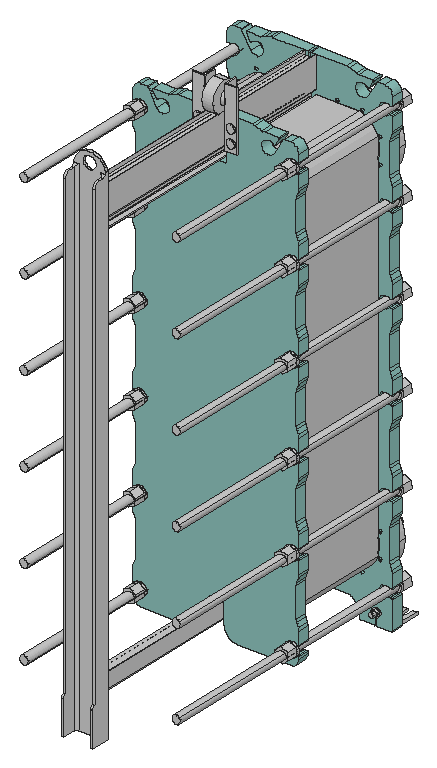
Revit family "MIT 562 - Heat Exchanger", category Specialty Equipment, Revit 2022
Family settings
  Round Connector Dimension = Use Diameter
  Part Type = Normal
  Work Plane-Based = No
  Always vertical = No
  Cut with Voids When Loaded = No
  Maintain Annotation Orientation = No
  Shared = No
  Room Calculation Point = No
Parameters (values of type "Flanged")
  URL = "https://en.ekinendustriyel.com/plate-heat-exchanger"
  Type Comments = ""
  Thickness_of_Plate [instance] = 0.50 mm  # constant formula
  Number_of_Plate [instance] = 130
  Model = if(Hygienic, if(Design Pressure < 11.0 bar, "H12340000F150L", if(Design Pressure < 16.0 bar, " H12340000F150M", " H12340000F150H")), if(Design Pressure < 10.0 bar, "E12340000F150L", if(Design Pressure < 16.0 bar, " E12340000F150M", " E12340000F150H")))  # "H12340000F150L"
  Material = Galvanized Steel- S235JR
  Manufacturer = "Ekin Endüstriyel"
  Lk [instance] = (Number_of_Plate) * ((Thickness_of_Plate) + 2.50 mm)  # 390.00 mm
  Lh [instance] = 1800.00 mm  # constant formula
  Lf [instance] = 1730.00 mm  # constant formula
  Lc [instance] = if(Number_of_Plate < 131, 1000.00 mm, if(Number_of_Plate < 171, 1500.00 mm, if(Number_of_Plate < 221, 1750.00 mm, 2000.00 mm)))  # 1000.00 mm
  La [instance] = 608.00 mm  # constant formula
  Keynote = ""
  Industrial [instance] = not(Hygienic)  # no
  Hygienic = yes
  Head & Follower Plate [instance] = if(Design Pressure < 11.0 bar, 40.00 mm, if(Design Pressure < 17.0 bar, 50.00 mm, 70.00 mm))  # 40.00 mm
  Follower Plate [instance] = -(Head & Follower Plate)  # -40.00 mm
  Design Pressure = 7 bar
  Description = if(Design Pressure < 11.0 bar, "MIT - Heat Exchanger - 10 bar", if(Design Pressure < 16.0 bar, " MIT - Heat Exchanger - 16 bar", " MIT - Heat Exchanger - 25 bar"))  # "MIT - Heat Exchanger - 10 bar"
  Default Elevation = 0.00 mm
Reference planes
  plane 1 "Center (Front/Back)": y = 0
  plane 2: z = 0
  plane 3 "Center (Left/Right)": x = 0
  plane 4: x = 1160
  plane 5: x = -1000
  plane 6 "2": y = -430
  plane 7 "1": y = -40
  plane 8 "3": y = -1040
  plane 9 "Bolt End": y = 18.7
  plane 10: y = -1000
  plane 11 "12": z = 1566
Forms (mm)
  Extrusion 1, solid, material "Galvanized Steel", detail levels fine
    sketch origin (4.063, 0, 0) x (1, 0, 0) y (0, 0, 1)
      loop
        line (214.272, 1759.15) -> (228.331, 1783.5)
        arc (228.331, 1783.5) -> (228.331, 1786.5) -> (225.733, 1788) r 3
        line (225.733, 1788) -> (174.197, 1788)
        arc (174.197, 1788) -> (168.987, 1788.456) -> (163.936, 1789.809) r 30
        line (163.936, 1789.809) -> (140.908, 1798.191)
        arc (140.908, 1798.191) -> (135.857, 1799.544) -> (130.647, 1800) r 30
        line (130.647, 1800) -> (1.937, 1800)
        arc (1.937, 1800) -> (-0.184, 1799.121) -> (-1.063, 1797) r 3
        line (-1.063, 1797) -> (-1.063, 1777.693)
        arc (-1.063, 1777.693) -> (-0.613, 1776.112) -> (0.604, 1775.006) r 3
        arc (0.604, 1775.006) -> (6.437, 1765.6) -> (0.604, 1756.194) r 10.5
        arc (0.604, 1756.194) -> (-0.613, 1755.088) -> (-1.063, 1753.507) r 3
        line (-1.063, 1753.507) -> (-1.063, 1717.693)
        arc (-1.063, 1717.693) -> (-0.613, 1716.112) -> (0.604, 1715.006) r 3
        arc (0.604, 1715.006) -> (-4.063, 1695.1) -> (-8.73, 1715.006) r 10.5
        arc (-8.73, 1715.006) -> (-7.514, 1716.112) -> (-7.063, 1717.693) r 3
        line (-7.063, 1717.693) -> (-7.063, 1753.507)
        arc (-7.063, 1753.507) -> (-7.514, 1755.088) -> (-8.73, 1756.194) r 3
        arc (-8.73, 1756.194) -> (-14.563, 1765.6) -> (-8.73, 1775.006) r 10.5
        arc (-8.73, 1775.006) -> (-7.514, 1776.112) -> (-7.063, 1777.693) r 3
        line (-7.063, 1777.693) -> (-7.063, 1797)
        arc (-7.063, 1797) -> (-7.942, 1799.121) -> (-10.063, 1800) r 3
        line (-10.063, 1800) -> (-138.773, 1800)
        arc (-138.773, 1800) -> (-143.983, 1799.544) -> (-149.034, 1798.191) r 30
        line (-149.034, 1798.191) -> (-172.062, 1789.809)
        arc (-172.062, 1789.809) -> (-177.113, 1788.456) -> (-182.323, 1788) r 30
        line (-182.323, 1788) -> (-233.859, 1788)
        arc (-233.859, 1788) -> (-236.457, 1786.5) -> (-236.457, 1783.5) r 3
        line (-236.457, 1783.5) -> (-222.398, 1759.15)
        arc (-222.398, 1759.15) -> (-220.037, 1757.659) -> (-217.471, 1758.758) r 3
        arc (-217.471, 1758.758) -> (-173.141, 1741.022) -> (-219.714, 1730.5) r 25
        line (-219.714, 1730.5) -> (-252.045, 1786.5)
        arc (-252.045, 1786.5) -> (-253.143, 1787.598) -> (-254.643, 1788) r 3
        line (-254.643, 1788) -> (-278.063, 1788)
        arc (-278.063, 1788) -> (-299.276, 1779.213) -> (-308.063, 1758) r 30
        line (-308.063, 1758) -> (-308.063, 1730.25)
        arc (-308.063, 1730.25) -> (-307.184, 1728.129) -> (-305.063, 1727.25) r 3
        line (-305.063, 1727.25) -> (-297.396, 1727.25)
        arc (-297.396, 1727.25) -> (-296.452, 1727.402) -> (-295.604, 1727.844) r 3
        arc (-295.604, 1727.844) -> (-262.063, 1711) -> (-295.604, 1694.156) r 21
        arc (-295.604, 1694.156) -> (-296.452, 1694.598) -> (-297.396, 1694.75) r 3
        line (-297.396, 1694.75) -> (-305.063, 1694.75)
        arc (-305.063, 1694.75) -> (-307.184, 1693.871) -> (-308.063, 1691.75) r 3
        line (-308.063, 1691.75) -> (-308.063, 1645.265)
        arc (-308.063, 1645.265) -> (-307.607, 1640.055) -> (-306.254, 1635.004) r 30
        line (-306.254, 1635.004) -> (-299.872, 1617.471)
        arc (-299.872, 1617.471) -> (-298.519, 1612.42) -> (-298.063, 1607.21) r 30
        line (-298.063, 1607.21) -> (-298.063, 1497.79)
        arc (-298.063, 1497.79) -> (-298.519, 1492.58) -> (-299.872, 1487.529) r 30
        line (-299.872, 1487.529) -> (-306.254, 1469.996)
        arc (-306.254, 1469.996) -> (-307.607, 1464.945) -> (-308.063, 1459.735) r 30
        line (-308.063, 1459.735) -> (-308.063, 1413.25)
        arc (-308.063, 1413.25) -> (-307.184, 1411.129) -> (-305.063, 1410.25) r 3
        line (-305.063, 1410.25) -> (-297.396, 1410.25)
        arc (-297.396, 1410.25) -> (-296.452, 1410.402) -> (-295.604, 1410.844) r 3
        arc (-295.604, 1410.844) -> (-262.063, 1394) -> (-295.604, 1377.156) r 21
        arc (-295.604, 1377.156) -> (-296.452, 1377.598) -> (-297.396, 1377.75) r 3
        line (-297.396, 1377.75) -> (-305.063, 1377.75)
        arc (-305.063, 1377.75) -> (-307.184, 1376.871) -> (-308.063, 1374.75) r 3
        line (-308.063, 1374.75) -> (-308.063, 1328.265)
        arc (-308.063, 1328.265) -> (-307.607, 1323.055) -> (-306.254, 1318.004) r 30
        line (-306.254, 1318.004) -> (-299.872, 1300.471)
        arc (-299.872, 1300.471) -> (-298.519, 1295.42) -> (-298.063, 1290.21) r 30
        line (-298.063, 1290.21) -> (-298.063, 1180.79)
        arc (-298.063, 1180.79) -> (-298.519, 1175.58) -> (-299.872, 1170.529) r 30
        line (-299.872, 1170.529) -> (-306.254, 1152.996)
        arc (-306.254, 1152.996) -> (-307.607, 1147.945) -> (-308.063, 1142.735) r 30
        line (-308.063, 1142.735) -> (-308.063, 1096.25)
        arc (-308.063, 1096.25) -> (-307.184, 1094.129) -> (-305.063, 1093.25) r 3
        line (-305.063, 1093.25) -> (-297.396, 1093.25)
        arc (-297.396, 1093.25) -> (-296.452, 1093.402) -> (-295.604, 1093.844) r 3
        arc (-295.604, 1093.844) -> (-262.063, 1077) -> (-295.604, 1060.156) r 21
        arc (-295.604, 1060.156) -> (-296.452, 1060.598) -> (-297.396, 1060.75) r 3
        line (-297.396, 1060.75) -> (-305.063, 1060.75)
        arc (-305.063, 1060.75) -> (-307.184, 1059.871) -> (-308.063, 1057.75) r 3
        line (-308.063, 1057.75) -> (-308.063, 1011.265)
        arc (-308.063, 1011.265) -> (-307.607, 1006.055) -> (-306.254, 1001.004) r 30
        line (-306.254, 1001.004) -> (-299.872, 983.471)
        arc (-299.872, 983.471) -> (-298.519, 978.42) -> (-298.063, 973.21) r 30
        line (-298.063, 973.21) -> (-298.063, 863.79)
        arc (-298.063, 863.79) -> (-298.519, 858.58) -> (-299.872, 853.529) r 30
        line (-299.872, 853.529) -> (-306.254, 835.996)
        arc (-306.254, 835.996) -> (-307.607, 830.945) -> (-308.063, 825.735) r 30
        line (-308.063, 825.735) -> (-308.063, 779.25)
        arc (-308.063, 779.25) -> (-307.184, 777.129) -> (-305.063, 776.25) r 3
        line (-305.063, 776.25) -> (-297.396, 776.25)
        arc (-297.396, 776.25) -> (-296.452, 776.402) -> (-295.604, 776.844) r 3
        arc (-295.604, 776.844) -> (-262.063, 760) -> (-295.604, 743.156) r 21
        arc (-295.604, 743.156) -> (-296.452, 743.598) -> (-297.396, 743.75) r 3
        line (-297.396, 743.75) -> (-305.063, 743.75)
        arc (-305.063, 743.75) -> (-307.184, 742.871) -> (-308.063, 740.75) r 3
        line (-308.063, 740.75) -> (-308.063, 694.265)
        arc (-308.063, 694.265) -> (-307.607, 689.055) -> (-306.254, 684.004) r 30
        line (-306.254, 684.004) -> (-299.872, 666.471)
        arc (-299.872, 666.471) -> (-298.519, 661.42) -> (-298.063, 656.21) r 30
        line (-298.063, 656.21) -> (-298.063, 546.79)
        arc (-298.063, 546.79) -> (-298.519, 541.58) -> (-299.872, 536.529) r 30
        line (-299.872, 536.529) -> (-306.254, 518.996)
        arc (-306.254, 518.996) -> (-307.607, 513.945) -> (-308.063, 508.735) r 30
        line (-308.063, 508.735) -> (-308.063, 462.25)
        arc (-308.063, 462.25) -> (-307.184, 460.129) -> (-305.063, 459.25) r 3
        line (-305.063, 459.25) -> (-297.396, 459.25)
        arc (-297.396, 459.25) -> (-296.452, 459.402) -> (-295.604, 459.844) r 3
        arc (-295.604, 459.844) -> (-262.063, 443) -> (-295.604, 426.156) r 21
        arc (-295.604, 426.156) -> (-296.452, 426.598) -> (-297.396, 426.75) r 3
        line (-297.396, 426.75) -> (-305.063, 426.75)
        arc (-305.063, 426.75) -> (-307.184, 425.871) -> (-308.063, 423.75) r 3
        line (-308.063, 423.75) -> (-308.063, 377.265)
        arc (-308.063, 377.265) -> (-307.607, 372.055) -> (-306.254, 367.004) r 30
        line (-306.254, 367.004) -> (-299.872, 349.471)
        arc (-299.872, 349.471) -> (-298.519, 344.42) -> (-298.063, 339.21) r 30
        line (-298.063, 339.21) -> (-298.063, 229.79)
        arc (-298.063, 229.79) -> (-298.519, 224.58) -> (-299.872, 219.529) r 30
        line (-299.872, 219.529) -> (-306.254, 201.996)
        arc (-306.254, 201.996) -> (-307.607, 196.945) -> (-308.063, 191.735) r 30
        line (-308.063, 191.735) -> (-308.063, 145.25)
        arc (-308.063, 145.25) -> (-307.184, 143.129) -> (-305.063, 142.25) r 3
        line (-305.063, 142.25) -> (-297.396, 142.25)
        arc (-297.396, 142.25) -> (-296.452, 142.402) -> (-295.604, 142.844) r 3
        arc (-295.604, 142.844) -> (-262.063, 126) -> (-295.604, 109.156) r 21
        arc (-295.604, 109.156) -> (-296.452, 109.598) -> (-297.396, 109.75) r 3
        line (-297.396, 109.75) -> (-305.063, 109.75)
        arc (-305.063, 109.75) -> (-307.184, 108.871) -> (-308.063, 106.75) r 3
        line (-308.063, 106.75) -> (-308.063, 5)
        arc (-308.063, 5) -> (-306.599, 1.464) -> (-303.063, 0) r 5
        line (-303.063, 0) -> (-254.063, 0)
        arc (-254.063, 0) -> (-251.942, 0.879) -> (-251.063, 3) r 3
        line (-251.063, 3) -> (-251.063, 32.907)
        arc (-251.063, 32.907) -> (-251.514, 34.488) -> (-252.73, 35.594) r 3
        arc (-252.73, 35.594) -> (-248.063, 55.5) -> (-243.396, 35.594) r 10.5
        arc (-243.396, 35.594) -> (-244.613, 34.488) -> (-245.063, 32.907) r 3
        line (-245.063, 32.907) -> (-245.063, 3)
        arc (-245.063, 3) -> (-244.184, 0.879) -> (-242.063, 0) r 3
        line (-242.063, 0) -> (-193.063, 0)
        arc (-193.063, 0) -> (-189.527, 1.464) -> (-188.063, 5) r 5
        line (-188.063, 5) -> (-188.063, 28.787)
        arc (-188.063, 28.787) -> (-186.921, 34.527) -> (-183.67, 39.393) r 15
        line (-183.67, 39.393) -> (-157.456, 65.607)
        arc (-157.456, 65.607) -> (-152.59, 68.858) -> (-146.85, 70) r 15
        line (-146.85, 70) -> (-7.063, 70) -> (-7.063, 95.638)
        arc (-7.063, 95.638) -> (-14.563, 105.7) -> (-7.063, 115.762) r 10.5
        line (-7.063, 115.762) -> (-7.063, 155.638)
        arc (-7.063, 155.638) -> (-4.063, 176.2) -> (-1.063, 155.638) r 10.5
        line (-1.063, 155.638) -> (-1.063, 115.762)
        arc (-1.063, 115.762) -> (6.437, 105.7) -> (-1.063, 95.638) r 10.5
        line (-1.063, 95.638) -> (-1.063, 70) -> (138.724, 70)
        arc (138.724, 70) -> (144.464, 68.858) -> (149.33, 65.607) r 15
        line (149.33, 65.607) -> (175.544, 39.393)
        arc (175.544, 39.393) -> (178.795, 34.527) -> (179.937, 28.787) r 15
        line (179.937, 28.787) -> (179.937, 5)
        arc (179.937, 5) -> (181.401, 1.464) -> (184.937, 0) r 5
        line (184.937, 0) -> (233.937, 0)
        arc (233.937, 0) -> (236.058, 0.879) -> (236.937, 3) r 3
        line (236.937, 3) -> (236.937, 32.907)
        arc (236.937, 32.907) -> (236.486, 34.488) -> (235.27, 35.594) r 3
        arc (235.27, 35.594) -> (239.937, 55.5) -> (244.604, 35.594) r 10.5
        arc (244.604, 35.594) -> (243.387, 34.488) -> (242.937, 32.907) r 3
        line (242.937, 32.907) -> (242.937, 3)
        arc (242.937, 3) -> (243.816, 0.879) -> (245.937, 0) r 3
        line (245.937, 0) -> (294.937, 0)
        arc (294.937, 0) -> (298.473, 1.464) -> (299.937, 5) r 5
        line (299.937, 5) -> (299.937, 106.75)
        arc (299.937, 106.75) -> (299.058, 108.871) -> (296.937, 109.75) r 3
        line (296.937, 109.75) -> (289.27, 109.75)
        arc (289.27, 109.75) -> (288.326, 109.598) -> (287.478, 109.156) r 3
        arc (287.478, 109.156) -> (253.937, 126) -> (287.478, 142.844) r 21
        arc (287.478, 142.844) -> (288.326, 142.402) -> (289.27, 142.25) r 3
        line (289.27, 142.25) -> (296.937, 142.25)
        arc (296.937, 142.25) -> (299.058, 143.129) -> (299.937, 145.25) r 3
        line (299.937, 145.25) -> (299.937, 191.735)
        arc (299.937, 191.735) -> (299.481, 196.945) -> (298.128, 201.996) r 30
        line (298.128, 201.996) -> (291.746, 219.529)
        arc (291.746, 219.529) -> (290.393, 224.58) -> (289.937, 229.79) r 30
        line (289.937, 229.79) -> (289.937, 339.21)
        arc (289.937, 339.21) -> (290.393, 344.42) -> (291.746, 349.471) r 30
        line (291.746, 349.471) -> (298.128, 367.004)
        arc (298.128, 367.004) -> (299.481, 372.055) -> (299.937, 377.265) r 30
        line (299.937, 377.265) -> (299.937, 423.75)
        arc (299.937, 423.75) -> (299.058, 425.871) -> (296.937, 426.75) r 3
        line (296.937, 426.75) -> (289.27, 426.75)
        arc (289.27, 426.75) -> (288.326, 426.598) -> (287.478, 426.156) r 3
        arc (287.478, 426.156) -> (253.937, 443) -> (287.478, 459.844) r 21
        arc (287.478, 459.844) -> (288.326, 459.402) -> (289.27, 459.25) r 3
        line (289.27, 459.25) -> (296.937, 459.25)
        arc (296.937, 459.25) -> (299.058, 460.129) -> (299.937, 462.25) r 3
        line (299.937, 462.25) -> (299.937, 508.735)
        arc (299.937, 508.735) -> (299.481, 513.945) -> (298.128, 518.996) r 30
        line (298.128, 518.996) -> (291.746, 536.529)
        arc (291.746, 536.529) -> (290.393, 541.58) -> (289.937, 546.79) r 30
        line (289.937, 546.79) -> (289.937, 656.21)
        arc (289.937, 656.21) -> (290.393, 661.42) -> (291.746, 666.471) r 30
        line (291.746, 666.471) -> (298.128, 684.004)
        arc (298.128, 684.004) -> (299.481, 689.055) -> (299.937, 694.265) r 30
        line (299.937, 694.265) -> (299.937, 740.75)
        arc (299.937, 740.75) -> (299.058, 742.871) -> (296.937, 743.75) r 3
        line (296.937, 743.75) -> (289.27, 743.75)
        arc (289.27, 743.75) -> (288.326, 743.598) -> (287.478, 743.156) r 3
        arc (287.478, 743.156) -> (253.937, 760) -> (287.478, 776.844) r 21
        arc (287.478, 776.844) -> (288.326, 776.402) -> (289.27, 776.25) r 3
        line (289.27, 776.25) -> (296.937, 776.25)
        arc (296.937, 776.25) -> (299.058, 777.129) -> (299.937, 779.25) r 3
        line (299.937, 779.25) -> (299.937, 825.735)
        arc (299.937, 825.735) -> (299.481, 830.945) -> (298.128, 835.996) r 30
        line (298.128, 835.996) -> (291.746, 853.529)
        arc (291.746, 853.529) -> (290.393, 858.58) -> (289.937, 863.79) r 30
        line (289.937, 863.79) -> (289.937, 973.21)
        arc (289.937, 973.21) -> (290.393, 978.42) -> (291.746, 983.471) r 30
        line (291.746, 983.471) -> (298.128, 1001.004)
        arc (298.128, 1001.004) -> (299.481, 1006.055) -> (299.937, 1011.265) r 30
        line (299.937, 1011.265) -> (299.937, 1057.75)
        arc (299.937, 1057.75) -> (299.058, 1059.871) -> (296.937, 1060.75) r 3
        line (296.937, 1060.75) -> (289.27, 1060.75)
        arc (289.27, 1060.75) -> (288.326, 1060.598) -> (287.478, 1060.156) r 3
        arc (287.478, 1060.156) -> (253.937, 1077) -> (287.478, 1093.844) r 21
        arc (287.478, 1093.844) -> (288.326, 1093.402) -> (289.27, 1093.25) r 3
        line (289.27, 1093.25) -> (296.937, 1093.25)
        arc (296.937, 1093.25) -> (299.058, 1094.129) -> (299.937, 1096.25) r 3
        line (299.937, 1096.25) -> (299.937, 1142.735)
        arc (299.937, 1142.735) -> (299.481, 1147.945) -> (298.128, 1152.996) r 30
        line (298.128, 1152.996) -> (291.746, 1170.529)
        arc (291.746, 1170.529) -> (290.393, 1175.58) -> (289.937, 1180.79) r 30
        line (289.937, 1180.79) -> (289.937, 1290.21)
        arc (289.937, 1290.21) -> (290.393, 1295.42) -> (291.746, 1300.471) r 30
        line (291.746, 1300.471) -> (298.128, 1318.004)
        arc (298.128, 1318.004) -> (299.481, 1323.055) -> (299.937, 1328.265) r 30
        line (299.937, 1328.265) -> (299.937, 1374.75)
        arc (299.937, 1374.75) -> (299.058, 1376.871) -> (296.937, 1377.75) r 3
        line (296.937, 1377.75) -> (289.27, 1377.75)
        arc (289.27, 1377.75) -> (288.326, 1377.598) -> (287.478, 1377.156) r 3
        arc (287.478, 1377.156) -> (253.937, 1394) -> (287.478, 1410.844) r 21
        arc (287.478, 1410.844) -> (288.326, 1410.402) -> (289.27, 1410.25) r 3
        line (289.27, 1410.25) -> (296.937, 1410.25)
        arc (296.937, 1410.25) -> (299.058, 1411.129) -> (299.937, 1413.25) r 3
        line (299.937, 1413.25) -> (299.937, 1459.735)
        arc (299.937, 1459.735) -> (299.481, 1464.945) -> (298.128, 1469.996) r 30
        line (298.128, 1469.996) -> (291.746, 1487.529)
        arc (291.746, 1487.529) -> (290.393, 1492.58) -> (289.937, 1497.79) r 30
        line (289.937, 1497.79) -> (289.937, 1607.21)
        arc (289.937, 1607.21) -> (290.393, 1612.42) -> (291.746, 1617.471) r 30
        line (291.746, 1617.471) -> (298.128, 1635.004)
        arc (298.128, 1635.004) -> (299.481, 1640.055) -> (299.937, 1645.265) r 30
        line (299.937, 1645.265) -> (299.937, 1691.75)
        arc (299.937, 1691.75) -> (299.058, 1693.871) -> (296.937, 1694.75) r 3
        line (296.937, 1694.75) -> (289.27, 1694.75)
        arc (289.27, 1694.75) -> (288.326, 1694.598) -> (287.478, 1694.156) r 3
        arc (287.478, 1694.156) -> (253.937, 1711) -> (287.478, 1727.844) r 21
        arc (287.478, 1727.844) -> (288.326, 1727.402) -> (289.27, 1727.25) r 3
        line (289.27, 1727.25) -> (296.937, 1727.25)
        arc (296.937, 1727.25) -> (299.058, 1728.129) -> (299.937, 1730.25) r 3
        line (299.937, 1730.25) -> (299.937, 1758)
        arc (299.937, 1758) -> (291.15, 1779.213) -> (269.937, 1788) r 30
        line (269.937, 1788) -> (246.517, 1788)
        arc (246.517, 1788) -> (245.017, 1787.598) -> (243.919, 1786.5) r 3
        line (243.919, 1786.5) -> (211.588, 1730.5)
        arc (211.588, 1730.5) -> (165.015, 1741.022) -> (209.345, 1758.758) r 25
        arc (209.345, 1758.758) -> (211.911, 1757.659) -> (214.272, 1759.15) r 3
      loop
        circle (255.803, 1611.922) r 7
      loop
        circle (255.803, 1520.078) r 7
      loop
        circle (190.859, 1676.866) r 7
      loop
        circle (190.859, 1455.134) r 7
      loop
        circle (34.071, 1611.922) r 7
      loop
        circle (34.071, 1520.078) r 7
      loop
        circle (99.015, 1676.866) r 7
      loop
        circle (99.015, 1455.134) r 7
      loop
        circle (144.937, 1566) r 105
      loop
        circle (255.803, 316.922) r 7
      loop
        circle (255.803, 225.078) r 7
      loop
        circle (190.859, 381.866) r 7
      loop
        circle (190.859, 160.134) r 7
      loop
        circle (34.071, 316.922) r 7
      loop
        circle (34.071, 225.078) r 7
      loop
        circle (99.015, 381.866) r 7
      loop
        circle (99.015, 160.134) r 7
      loop
        circle (144.937, 271) r 105
      loop
        circle (-263.929, 1611.922) r 7
      loop
        circle (-263.929, 1520.078) r 7
      loop
        circle (-198.985, 1676.866) r 7
      loop
        circle (-198.985, 1455.134) r 7
      loop
        circle (-42.197, 1611.922) r 7
      loop
        circle (-42.197, 1520.078) r 7
      loop
        circle (-107.141, 1676.866) r 7
      loop
        circle (-107.141, 1455.134) r 7
      loop
        circle (-153.063, 1566) r 105
      loop
        circle (-263.929, 316.922) r 7
      loop
        circle (-263.929, 225.078) r 7
      loop
        circle (-198.985, 381.866) r 7
      loop
        circle (-198.985, 160.134) r 7
      loop
        circle (-42.197, 316.922) r 7
      loop
        circle (-42.197, 225.078) r 7
      loop
        circle (-107.141, 381.866) r 7
      loop
        circle (-107.141, 160.134) r 7
      loop
        circle (-153.063, 271) r 105
    from 0 to 40
  Extrusion 2, solid, material "Galvanized Steel", detail levels fine
    sketch origin (4.063, -430, 0) x (-1, 0, 0) y (0, 0, 1)
      loop
        arc (-214.272, 1759.15) -> (-211.911, 1757.659) -> (-209.345, 1758.758) r 3
        arc (-209.345, 1758.758) -> (-165.015, 1741.022) -> (-211.588, 1730.5) r 25
        line (-211.588, 1730.5) -> (-243.919, 1786.5)
        arc (-243.919, 1786.5) -> (-245.017, 1787.598) -> (-246.517, 1788) r 3
        line (-246.517, 1788) -> (-269.937, 1788)
        arc (-269.937, 1788) -> (-291.15, 1779.213) -> (-299.937, 1758) r 30
        line (-299.937, 1758) -> (-299.937, 1730.25)
        arc (-299.937, 1730.25) -> (-299.058, 1728.129) -> (-296.937, 1727.25) r 3
        line (-296.937, 1727.25) -> (-289.27, 1727.25)
        arc (-289.27, 1727.25) -> (-288.326, 1727.402) -> (-287.478, 1727.844) r 3
        arc (-287.478, 1727.844) -> (-253.937, 1711) -> (-287.478, 1694.156) r 21
        arc (-287.478, 1694.156) -> (-288.326, 1694.598) -> (-289.27, 1694.75) r 3
        line (-289.27, 1694.75) -> (-296.937, 1694.75)
        arc (-296.937, 1694.75) -> (-299.058, 1693.871) -> (-299.937, 1691.75) r 3
        line (-299.937, 1691.75) -> (-299.937, 1645.265)
        arc (-299.937, 1645.265) -> (-299.481, 1640.055) -> (-298.128, 1635.004) r 30
        line (-298.128, 1635.004) -> (-291.746, 1617.471)
        arc (-291.746, 1617.471) -> (-290.393, 1612.42) -> (-289.937, 1607.21) r 30
        line (-289.937, 1607.21) -> (-289.937, 1497.79)
        arc (-289.937, 1497.79) -> (-290.393, 1492.58) -> (-291.746, 1487.529) r 30
        line (-291.746, 1487.529) -> (-298.128, 1469.996)
        arc (-298.128, 1469.996) -> (-299.481, 1464.945) -> (-299.937, 1459.735) r 30
        line (-299.937, 1459.735) -> (-299.937, 1413.25)
        arc (-299.937, 1413.25) -> (-299.058, 1411.129) -> (-296.937, 1410.25) r 3
        line (-296.937, 1410.25) -> (-289.27, 1410.25)
        arc (-289.27, 1410.25) -> (-288.326, 1410.402) -> (-287.478, 1410.844) r 3
        arc (-287.478, 1410.844) -> (-253.937, 1394) -> (-287.478, 1377.156) r 21
        arc (-287.478, 1377.156) -> (-288.326, 1377.598) -> (-289.27, 1377.75) r 3
        line (-289.27, 1377.75) -> (-296.937, 1377.75)
        arc (-296.937, 1377.75) -> (-299.058, 1376.871) -> (-299.937, 1374.75) r 3
        line (-299.937, 1374.75) -> (-299.937, 1328.265)
        arc (-299.937, 1328.265) -> (-299.481, 1323.055) -> (-298.128, 1318.004) r 30
        line (-298.128, 1318.004) -> (-291.746, 1300.471)
        arc (-291.746, 1300.471) -> (-290.393, 1295.42) -> (-289.937, 1290.21) r 30
        line (-289.937, 1290.21) -> (-289.937, 1180.79)
        arc (-289.937, 1180.79) -> (-290.393, 1175.58) -> (-291.746, 1170.529) r 30
        line (-291.746, 1170.529) -> (-298.128, 1152.996)
        arc (-298.128, 1152.996) -> (-299.481, 1147.945) -> (-299.937, 1142.735) r 30
        line (-299.937, 1142.735) -> (-299.937, 1096.25)
        arc (-299.937, 1096.25) -> (-299.058, 1094.129) -> (-296.937, 1093.25) r 3
        line (-296.937, 1093.25) -> (-289.27, 1093.25)
        arc (-289.27, 1093.25) -> (-288.326, 1093.402) -> (-287.478, 1093.844) r 3
        arc (-287.478, 1093.844) -> (-253.937, 1077) -> (-287.478, 1060.156) r 21
        arc (-287.478, 1060.156) -> (-288.326, 1060.598) -> (-289.27, 1060.75) r 3
        line (-289.27, 1060.75) -> (-296.937, 1060.75)
        arc (-296.937, 1060.75) -> (-299.058, 1059.871) -> (-299.937, 1057.75) r 3
        line (-299.937, 1057.75) -> (-299.937, 1011.265)
        arc (-299.937, 1011.265) -> (-299.481, 1006.055) -> (-298.128, 1001.004) r 30
        line (-298.128, 1001.004) -> (-291.746, 983.471)
        arc (-291.746, 983.471) -> (-290.393, 978.42) -> (-289.937, 973.21) r 30
        line (-289.937, 973.21) -> (-289.937, 863.79)
        arc (-289.937, 863.79) -> (-290.393, 858.58) -> (-291.746, 853.529) r 30
        line (-291.746, 853.529) -> (-298.128, 835.996)
        arc (-298.128, 835.996) -> (-299.481, 830.945) -> (-299.937, 825.735) r 30
        line (-299.937, 825.735) -> (-299.937, 779.25)
        arc (-299.937, 779.25) -> (-299.058, 777.129) -> (-296.937, 776.25) r 3
        line (-296.937, 776.25) -> (-289.27, 776.25)
        arc (-289.27, 776.25) -> (-288.326, 776.402) -> (-287.478, 776.844) r 3
        arc (-287.478, 776.844) -> (-253.937, 760) -> (-287.478, 743.156) r 21
        arc (-287.478, 743.156) -> (-288.326, 743.598) -> (-289.27, 743.75) r 3
        line (-289.27, 743.75) -> (-296.937, 743.75)
        arc (-296.937, 743.75) -> (-299.058, 742.871) -> (-299.937, 740.75) r 3
        line (-299.937, 740.75) -> (-299.937, 694.265)
        arc (-299.937, 694.265) -> (-299.481, 689.055) -> (-298.128, 684.004) r 30
        line (-298.128, 684.004) -> (-291.746, 666.471)
        arc (-291.746, 666.471) -> (-290.393, 661.42) -> (-289.937, 656.21) r 30
        line (-289.937, 656.21) -> (-289.937, 546.79)
        arc (-289.937, 546.79) -> (-290.393, 541.58) -> (-291.746, 536.529) r 30
        line (-291.746, 536.529) -> (-298.128, 518.996)
        arc (-298.128, 518.996) -> (-299.481, 513.945) -> (-299.937, 508.735) r 30
        line (-299.937, 508.735) -> (-299.937, 462.25)
        arc (-299.937, 462.25) -> (-299.058, 460.129) -> (-296.937, 459.25) r 3
        line (-296.937, 459.25) -> (-289.27, 459.25)
        arc (-289.27, 459.25) -> (-288.326, 459.402) -> (-287.478, 459.844) r 3
        arc (-287.478, 459.844) -> (-253.937, 443) -> (-287.478, 426.156) r 21
        arc (-287.478, 426.156) -> (-288.326, 426.598) -> (-289.27, 426.75) r 3
        line (-289.27, 426.75) -> (-296.937, 426.75)
        arc (-296.937, 426.75) -> (-299.058, 425.871) -> (-299.937, 423.75) r 3
        line (-299.937, 423.75) -> (-299.937, 377.265)
        arc (-299.937, 377.265) -> (-299.481, 372.055) -> (-298.128, 367.004) r 30
        line (-298.128, 367.004) -> (-291.746, 349.471)
        arc (-291.746, 349.471) -> (-290.393, 344.42) -> (-289.937, 339.21) r 30
        line (-289.937, 339.21) -> (-289.937, 229.79)
        arc (-289.937, 229.79) -> (-290.393, 224.58) -> (-291.746, 219.529) r 30
        line (-291.746, 219.529) -> (-298.128, 201.996)
        arc (-298.128, 201.996) -> (-299.481, 196.945) -> (-299.937, 191.735) r 30
        line (-299.937, 191.735) -> (-299.937, 145.25)
        arc (-299.937, 145.25) -> (-299.058, 143.129) -> (-296.937, 142.25) r 3
        line (-296.937, 142.25) -> (-289.27, 142.25)
        arc (-289.27, 142.25) -> (-288.326, 142.402) -> (-287.478, 142.844) r 3
        arc (-287.478, 142.844) -> (-253.937, 126) -> (-287.478, 109.156) r 21
        arc (-287.478, 109.156) -> (-288.326, 109.598) -> (-289.27, 109.75) r 3
        line (-289.27, 109.75) -> (-296.937, 109.75)
        arc (-296.937, 109.75) -> (-299.058, 108.871) -> (-299.937, 106.75) r 3
        line (-299.937, 106.75) -> (-299.937, 100)
        arc (-299.937, 100) -> (-291.15, 78.787) -> (-269.937, 70) r 30
        line (-269.937, 70) -> (-75.937, 70)
        arc (-75.937, 70) -> (-40.582, 84.645) -> (-25.937, 120) r 50
        line (-25.937, 120) -> (-25.937, 173.5)
        arc (-25.937, 173.5) -> (4.063, 203.5) -> (34.063, 173.5) r 30
        line (34.063, 173.5) -> (34.063, 120)
        arc (34.063, 120) -> (48.708, 84.645) -> (84.063, 70) r 50
        line (84.063, 70) -> (278.063, 70)
        arc (278.063, 70) -> (299.276, 78.787) -> (308.063, 100) r 30
        line (308.063, 100) -> (308.063, 106.75)
        arc (308.063, 106.75) -> (307.184, 108.871) -> (305.063, 109.75) r 3
        line (305.063, 109.75) -> (297.396, 109.75)
        arc (297.396, 109.75) -> (296.452, 109.598) -> (295.604, 109.156) r 3
        arc (295.604, 109.156) -> (262.063, 126) -> (295.604, 142.844) r 21
        arc (295.604, 142.844) -> (296.452, 142.402) -> (297.396, 142.25) r 3
        line (297.396, 142.25) -> (305.063, 142.25)
        arc (305.063, 142.25) -> (307.184, 143.129) -> (308.063, 145.25) r 3
        line (308.063, 145.25) -> (308.063, 191.735)
        arc (308.063, 191.735) -> (307.607, 196.945) -> (306.254, 201.996) r 30
        line (306.254, 201.996) -> (299.872, 219.529)
        arc (299.872, 219.529) -> (298.519, 224.58) -> (298.063, 229.79) r 30
        line (298.063, 229.79) -> (298.063, 339.21)
        arc (298.063, 339.21) -> (298.519, 344.42) -> (299.872, 349.471) r 30
        line (299.872, 349.471) -> (306.254, 367.004)
        arc (306.254, 367.004) -> (307.607, 372.055) -> (308.063, 377.265) r 30
        line (308.063, 377.265) -> (308.063, 423.75)
        arc (308.063, 423.75) -> (307.184, 425.871) -> (305.063, 426.75) r 3
        line (305.063, 426.75) -> (297.396, 426.75)
        arc (297.396, 426.75) -> (296.452, 426.598) -> (295.604, 426.156) r 3
        arc (295.604, 426.156) -> (262.063, 443) -> (295.604, 459.844) r 21
        arc (295.604, 459.844) -> (296.452, 459.402) -> (297.396, 459.25) r 3
        line (297.396, 459.25) -> (305.063, 459.25)
        arc (305.063, 459.25) -> (307.184, 460.129) -> (308.063, 462.25) r 3
        line (308.063, 462.25) -> (308.063, 508.735)
        arc (308.063, 508.735) -> (307.607, 513.945) -> (306.254, 518.996) r 30
        line (306.254, 518.996) -> (299.872, 536.529)
        arc (299.872, 536.529) -> (298.519, 541.58) -> (298.063, 546.79) r 30
        line (298.063, 546.79) -> (298.063, 656.21)
        arc (298.063, 656.21) -> (298.519, 661.42) -> (299.872, 666.471) r 30
        line (299.872, 666.471) -> (306.254, 684.004)
        arc (306.254, 684.004) -> (307.607, 689.055) -> (308.063, 694.265) r 30
        line (308.063, 694.265) -> (308.063, 740.75)
        arc (308.063, 740.75) -> (307.184, 742.871) -> (305.063, 743.75) r 3
        line (305.063, 743.75) -> (297.396, 743.75)
        arc (297.396, 743.75) -> (296.452, 743.598) -> (295.604, 743.156) r 3
        arc (295.604, 743.156) -> (262.063, 760) -> (295.604, 776.844) r 21
        arc (295.604, 776.844) -> (296.452, 776.402) -> (297.396, 776.25) r 3
        line (297.396, 776.25) -> (305.063, 776.25)
        arc (305.063, 776.25) -> (307.184, 777.129) -> (308.063, 779.25) r 3
        line (308.063, 779.25) -> (308.063, 825.735)
        arc (308.063, 825.735) -> (307.607, 830.945) -> (306.254, 835.996) r 30
        line (306.254, 835.996) -> (299.872, 853.529)
        arc (299.872, 853.529) -> (298.519, 858.58) -> (298.063, 863.79) r 30
        line (298.063, 863.79) -> (298.063, 973.21)
        arc (298.063, 973.21) -> (298.519, 978.42) -> (299.872, 983.471) r 30
        line (299.872, 983.471) -> (306.254, 1001.004)
        arc (306.254, 1001.004) -> (307.607, 1006.055) -> (308.063, 1011.265) r 30
        line (308.063, 1011.265) -> (308.063, 1057.75)
        arc (308.063, 1057.75) -> (307.184, 1059.871) -> (305.063, 1060.75) r 3
        line (305.063, 1060.75) -> (297.396, 1060.75)
        arc (297.396, 1060.75) -> (296.452, 1060.598) -> (295.604, 1060.156) r 3
        arc (295.604, 1060.156) -> (262.063, 1077) -> (295.604, 1093.844) r 21
        arc (295.604, 1093.844) -> (296.452, 1093.402) -> (297.396, 1093.25) r 3
        line (297.396, 1093.25) -> (305.063, 1093.25)
        arc (305.063, 1093.25) -> (307.184, 1094.129) -> (308.063, 1096.25) r 3
        line (308.063, 1096.25) -> (308.063, 1142.735)
        arc (308.063, 1142.735) -> (307.607, 1147.945) -> (306.254, 1152.996) r 30
        line (306.254, 1152.996) -> (299.872, 1170.529)
        arc (299.872, 1170.529) -> (298.519, 1175.58) -> (298.063, 1180.79) r 30
        line (298.063, 1180.79) -> (298.063, 1290.21)
        arc (298.063, 1290.21) -> (298.519, 1295.42) -> (299.872, 1300.471) r 30
        line (299.872, 1300.471) -> (306.254, 1318.004)
        arc (306.254, 1318.004) -> (307.607, 1323.055) -> (308.063, 1328.265) r 30
        line (308.063, 1328.265) -> (308.063, 1374.75)
        arc (308.063, 1374.75) -> (307.184, 1376.871) -> (305.063, 1377.75) r 3
        line (305.063, 1377.75) -> (297.396, 1377.75)
        arc (297.396, 1377.75) -> (296.452, 1377.598) -> (295.604, 1377.156) r 3
        arc (295.604, 1377.156) -> (262.063, 1394) -> (295.604, 1410.844) r 21
        arc (295.604, 1410.844) -> (296.452, 1410.402) -> (297.396, 1410.25) r 3
        line (297.396, 1410.25) -> (305.063, 1410.25)
        arc (305.063, 1410.25) -> (307.184, 1411.129) -> (308.063, 1413.25) r 3
        line (308.063, 1413.25) -> (308.063, 1459.735)
        arc (308.063, 1459.735) -> (307.607, 1464.945) -> (306.254, 1469.996) r 30
        line (306.254, 1469.996) -> (299.872, 1487.529)
        arc (299.872, 1487.529) -> (298.519, 1492.58) -> (298.063, 1497.79) r 30
        line (298.063, 1497.79) -> (298.063, 1607.21)
        arc (298.063, 1607.21) -> (298.519, 1612.42) -> (299.872, 1617.471) r 30
        line (299.872, 1617.471) -> (306.254, 1635.004)
        arc (306.254, 1635.004) -> (307.607, 1640.055) -> (308.063, 1645.265) r 30
        line (308.063, 1645.265) -> (308.063, 1691.75)
        arc (308.063, 1691.75) -> (307.184, 1693.871) -> (305.063, 1694.75) r 3
        line (305.063, 1694.75) -> (297.396, 1694.75)
        arc (297.396, 1694.75) -> (296.452, 1694.598) -> (295.604, 1694.156) r 3
        arc (295.604, 1694.156) -> (262.063, 1711) -> (295.604, 1727.844) r 21
        arc (295.604, 1727.844) -> (296.452, 1727.402) -> (297.396, 1727.25) r 3
        line (297.396, 1727.25) -> (305.063, 1727.25)
        arc (305.063, 1727.25) -> (307.184, 1728.129) -> (308.063, 1730.25) r 3
        line (308.063, 1730.25) -> (308.063, 1758)
        arc (308.063, 1758) -> (299.276, 1779.213) -> (278.063, 1788) r 30
        line (278.063, 1788) -> (254.643, 1788)
        arc (254.643, 1788) -> (253.143, 1787.598) -> (252.045, 1786.5) r 3
        line (252.045, 1786.5) -> (219.714, 1730.5)
        arc (219.714, 1730.5) -> (173.141, 1741.022) -> (217.471, 1758.758) r 25
        arc (217.471, 1758.758) -> (220.037, 1757.659) -> (222.398, 1759.15) r 3
        line (222.398, 1759.15) -> (236.457, 1783.5)
        arc (236.457, 1783.5) -> (236.457, 1786.5) -> (233.859, 1788) r 3
        line (233.859, 1788) -> (182.323, 1788)
        arc (182.323, 1788) -> (177.113, 1788.456) -> (172.062, 1789.809) r 30
        line (172.062, 1789.809) -> (149.034, 1798.191)
        arc (149.034, 1798.191) -> (143.983, 1799.544) -> (138.773, 1800) r 30
        line (138.773, 1800) -> (48.063, 1800)
        arc (48.063, 1800) -> (45.942, 1799.121) -> (45.063, 1797) r 3
        line (45.063, 1797) -> (45.063, 1766.6)
        arc (45.063, 1766.6) -> (45.942, 1764.479) -> (48.063, 1763.6) r 3
        line (48.063, 1763.6) -> (51.97, 1763.6)
        arc (51.97, 1763.6) -> (53.551, 1764.05) -> (54.657, 1765.267) r 3
        arc (54.657, 1765.267) -> (74.525, 1759.704) -> (54.001, 1757.6) r 10.5
        line (54.001, 1757.6) -> (45.063, 1757.6) -> (45.063, 1716.6)
        arc (45.063, 1716.6) -> (45.942, 1714.479) -> (48.063, 1713.6) r 3
        line (48.063, 1713.6) -> (51.97, 1713.6)
        arc (51.97, 1713.6) -> (53.551, 1714.05) -> (54.657, 1715.267) r 3
        arc (54.657, 1715.267) -> (74.525, 1709.704) -> (54.001, 1707.6) r 10.5
        line (54.001, 1707.6) -> (45.063, 1707.6) -> (45.063, 1643.5)
        arc (45.063, 1643.5) -> (43.599, 1639.964) -> (40.063, 1638.5) r 5
        line (40.063, 1638.5) -> (-31.937, 1638.5)
        arc (-31.937, 1638.5) -> (-35.473, 1639.964) -> (-36.937, 1643.5) r 5
        line (-36.937, 1643.5) -> (-36.937, 1707.6) -> (-45.875, 1707.6)
        arc (-45.875, 1707.6) -> (-66.399, 1709.704) -> (-46.531, 1715.267) r 10.5
        arc (-46.531, 1715.267) -> (-45.425, 1714.05) -> (-43.844, 1713.6) r 3
        line (-43.844, 1713.6) -> (-39.937, 1713.6)
        arc (-39.937, 1713.6) -> (-37.816, 1714.479) -> (-36.937, 1716.6) r 3
        line (-36.937, 1716.6) -> (-36.937, 1757.6) -> (-45.875, 1757.6)
        arc (-45.875, 1757.6) -> (-66.399, 1759.704) -> (-46.531, 1765.267) r 10.5
        arc (-46.531, 1765.267) -> (-45.425, 1764.05) -> (-43.844, 1763.6) r 3
        line (-43.844, 1763.6) -> (-39.937, 1763.6)
        arc (-39.937, 1763.6) -> (-37.816, 1764.479) -> (-36.937, 1766.6) r 3
        line (-36.937, 1766.6) -> (-36.937, 1797)
        arc (-36.937, 1797) -> (-37.816, 1799.121) -> (-39.937, 1800) r 3
        line (-39.937, 1800) -> (-130.647, 1800)
        arc (-130.647, 1800) -> (-135.857, 1799.544) -> (-140.908, 1798.191) r 30
        line (-140.908, 1798.191) -> (-163.936, 1789.809)
        arc (-163.936, 1789.809) -> (-168.987, 1788.456) -> (-174.197, 1788) r 30
        line (-174.197, 1788) -> (-225.733, 1788)
        arc (-225.733, 1788) -> (-228.331, 1786.5) -> (-228.331, 1783.5) r 3
        line (-228.331, 1783.5) -> (-214.272, 1759.15)
    from 0 to -40 <- "Follower Plate"
  Extrusion 3, solid, material "AISI 316L/Titanium/Hastelloy", detail levels fine
    sketch origin (0, -40, 0) x (-1, 0, 0) y (0, 0, 1)
      loop
        circle (-149, 1566) r 68.8
      loop
        circle (149, 1566) r 68.8
      loop
        circle (-149, 272) r 68.8
      loop
        circle (149, 272) r 68.8
      loop
        arc (-250, 228.93) -> (-225.513, 193.248) -> (-189.14, 169.8) r 109.8
        line (-189.14, 169.8) -> (-27.2, 169.8)
        arc (-27.2, 169.8) -> (-26.052, 170.028) -> (-25.078, 170.679) r 3
        line (-25.078, 170.679) -> (-20.129, 175.628)
        arc (-20.129, 175.628) -> (-19.478, 176.602) -> (-19.25, 177.75) r 3
        line (-19.25, 177.75) -> (-19.25, 181.568)
        arc (-19.25, 181.568) -> (-19.545, 182.866) -> (-20.372, 183.908) r 3
        line (-20.372, 183.908) -> (-30.817, 192.29)
        arc (-30.817, 192.29) -> (-31.833, 198.158) -> (-26.137, 199.896) r 4.5
        line (-26.137, 199.896) -> (-8.398, 191.83)
        arc (-8.398, 191.83) -> (0, 190.011) -> (8.398, 191.83) r 20.289
        line (8.398, 191.83) -> (26.137, 199.896)
        arc (26.137, 199.896) -> (31.833, 198.158) -> (30.817, 192.29) r 4.5
        line (30.817, 192.29) -> (20.372, 183.908)
        arc (20.372, 183.908) -> (19.545, 182.866) -> (19.25, 181.568) r 3
        line (19.25, 181.568) -> (19.25, 177.75)
        arc (19.25, 177.75) -> (19.478, 176.602) -> (20.129, 175.628) r 3
        line (20.129, 175.628) -> (25.078, 170.679)
        arc (25.078, 170.679) -> (26.052, 170.028) -> (27.2, 169.8) r 3
        line (27.2, 169.8) -> (189.14, 169.8)
        arc (189.14, 169.8) -> (225.513, 193.248) -> (250, 228.93) r 109.8
        line (250, 228.93) -> (250, 1609.07)
        arc (250, 1609.07) -> (223.837, 1646.346) -> (184.799, 1669.8) r 109.8
        line (184.799, 1669.8) -> (27.2, 1669.8)
        arc (27.2, 1669.8) -> (26.052, 1669.572) -> (25.078, 1668.921) r 3
        line (25.078, 1668.921) -> (20.129, 1663.972)
        arc (20.129, 1663.972) -> (19.478, 1662.998) -> (19.25, 1661.85) r 3
        line (19.25, 1661.85) -> (19.25, 1658.032)
        arc (19.25, 1658.032) -> (19.545, 1656.734) -> (20.372, 1655.692) r 3
        line (20.372, 1655.692) -> (30.817, 1647.31)
        arc (30.817, 1647.31) -> (31.833, 1641.442) -> (26.137, 1639.704) r 4.5
        line (26.137, 1639.704) -> (8.398, 1647.77)
        arc (8.398, 1647.77) -> (0, 1649.589) -> (-8.398, 1647.77) r 20.289
        line (-8.398, 1647.77) -> (-26.137, 1639.704)
        arc (-26.137, 1639.704) -> (-31.833, 1641.442) -> (-30.817, 1647.31) r 4.5
        line (-30.817, 1647.31) -> (-20.372, 1655.692)
        arc (-20.372, 1655.692) -> (-19.545, 1656.734) -> (-19.25, 1658.032) r 3
        line (-19.25, 1658.032) -> (-19.25, 1661.85)
        arc (-19.25, 1661.85) -> (-19.478, 1662.998) -> (-20.129, 1663.972) r 3
        line (-20.129, 1663.972) -> (-25.078, 1668.921)
        arc (-25.078, 1668.921) -> (-26.052, 1669.572) -> (-27.2, 1669.8) r 3
        line (-27.2, 1669.8) -> (-184.799, 1669.8)
        arc (-184.799, 1669.8) -> (-223.837, 1646.346) -> (-250, 1609.07) r 109.8
        line (-250, 1609.07) -> (-250, 228.93)
    from 0 to -390
  Extrusion 4, solid, material "Galvanized Steel- S235JR"
    sketch origin (0, 0, 0) x (1, 0, 0) y (0, 0, 1)
      loop
        line (-18, 128.2) -> (18, 128.2)
        arc (18, 128.2) -> (19.414, 128.786) -> (20, 130.2) r 2
        line (20, 130.2) -> (20, 186.2)
        arc (20, 186.2) -> (19.414, 187.614) -> (18, 188.2) r 2
        line (18, 188.2) -> (-18, 188.2)
        arc (-18, 188.2) -> (-19.414, 187.614) -> (-20, 186.2) r 2
        line (-20, 186.2) -> (-20, 130.2)
        arc (-20, 130.2) -> (-19.414, 128.786) -> (-18, 128.2) r 2
      loop
        line (-13, 133.2) -> (13, 133.2)
        arc (13, 133.2) -> (14.414, 133.786) -> (15, 135.2) r 2
        line (15, 135.2) -> (15, 181.2)
        arc (15, 181.2) -> (14.414, 182.614) -> (13, 183.2) r 2
        line (13, 183.2) -> (-13, 183.2)
        arc (-13, 183.2) -> (-14.414, 182.614) -> (-15, 181.2) r 2
        line (-15, 181.2) -> (-15, 135.2)
        arc (-15, 135.2) -> (-14.414, 133.786) -> (-13, 133.2) r 2
      loop
        line (-21, 1682.6) -> (-6, 1682.6)
        arc (-6, 1682.6) -> (-3.879, 1681.721) -> (-3, 1679.6) r 3
        line (-3, 1679.6) -> (-3, 1655.6)
        arc (-3, 1655.6) -> (-3.879, 1653.479) -> (-6, 1652.6) r 3
        line (-6, 1652.6) -> (-26, 1652.6) -> (-26, 1649.6) -> (-3, 1649.6)
        arc (-3, 1649.6) -> (-0.879, 1650.479) -> (0, 1652.6) r 3
        arc (0, 1652.6) -> (0.879, 1650.479) -> (3, 1649.6) r 3
        line (3, 1649.6) -> (26, 1649.6) -> (26, 1652.6) -> (6, 1652.6)
        arc (6, 1652.6) -> (3.879, 1653.479) -> (3, 1655.6) r 3
        line (3, 1655.6) -> (3, 1679.6)
        arc (3, 1679.6) -> (3.879, 1681.721) -> (6, 1682.6) r 3
        line (6, 1682.6) -> (21, 1682.6)
        arc (21, 1682.6) -> (22.414, 1683.186) -> (23, 1684.6) r 2
        line (23, 1684.6) -> (23, 1797.6) -> (20, 1797.6) -> (20, 1785.6) -> (-20, 1785.6) -> (-20, 1797.6) -> (-23, 1797.6) -> (-23, 1684.6)
        arc (-23, 1684.6) -> (-22.414, 1683.186) -> (-21, 1682.6) r 2
      loop
        line (-13, 1690.6) -> (13, 1690.6)
        arc (13, 1690.6) -> (14.414, 1691.186) -> (15, 1692.6) r 2
        line (15, 1692.6) -> (15, 1778.6)
        arc (15, 1778.6) -> (14.414, 1780.014) -> (13, 1780.6) r 2
        line (13, 1780.6) -> (-13, 1780.6)
        arc (-13, 1780.6) -> (-14.414, 1780.014) -> (-15, 1778.6) r 2
        line (-15, 1778.6) -> (-15, 1692.6)
        arc (-15, 1692.6) -> (-14.414, 1691.186) -> (-13, 1690.6) r 2
    from 40 to 1040
  Extrusion 5, solid, material "Galvanized Steel- S235JR"
    sketch origin (0, 0, 0) x (1, 0, 0) y (0, 0, 1)
      loop
        circle (279, 1711) r 15
      loop
        circle (279, 1394) r 15
      loop
        circle (279, 1077) r 15
      loop
        circle (279, 760) r 15
      loop
        circle (279, 443) r 15
      loop
        circle (279, 126) r 15
      loop
        circle (-279, 1711) r 15
      loop
        circle (-279, 1394) r 15
      loop
        circle (-279, 1077) r 15
      loop
        circle (-279, 760) r 15
      loop
        circle (-279, 443) r 15
      loop
        circle (-279, 126) r 15
    from 0 to 1000
  Extrusion 6, solid, material "Galvanized Steel- S235JR", detail levels fine
    sketch origin (0, 0, 0) x (1, 0, 0) y (0, 0, 1)
      loop
        line (244, 59.434) -> (231.5, 52.217) -> (231.5, 37.783) -> (244, 30.566) -> (256.5, 37.783) -> (256.5, 52.217) -> (244, 59.434)
      loop
        line (-244, 59.434) -> (-256.5, 52.217) -> (-256.5, 37.783) -> (-244, 30.566) -> (-231.5, 37.783) -> (-231.5, 52.217) -> (-244, 59.434)
    from -21 to -8
  Extrusion 7, solid, material "Galvanized Steel- S235JR", detail levels fine
    sketch origin (276.226, -40, -33.535) x (1, 0, 0) y (0, 0, 1)
      loop
        circle (-32.226, 78.535) r 15
      loop
        circle (-520.226, 78.535) r 15
    from 0 to 3
  Extrusion 8, solid, material "Galvanized Steel- S235JR", detail levels fine
    sketch origin (0, 0, 0) x (1, 0, 0) y (0, 0, 1)
      loop
        circle (244, 45) r 8
      loop
        circle (-244, 45) r 8
    from 64 to -11
  Extrusion 9, solid, material "Galvanized Steel- S235JR", detail levels fine
    sketch origin (29.639, -40, 34.419) x (1, 0, 0) y (0, 0, 1)
      loop
        line (225.937, 17.268) -> (214.354, 23.956) -> (202.771, 17.268) -> (202.771, 3.893) -> (214.354, -2.794) -> (225.937, 3.893) -> (225.937, 17.268)
      loop
        line (-285.229, 17.268) -> (-285.229, 3.893) -> (-273.646, -2.794) -> (-262.063, 3.893) -> (-262.063, 17.268) -> (-273.646, 23.956) -> (-285.229, 17.268)
    from 11 to 3
  Extrusion 10, solid, material "Galvanized Steel- S235JR", detail levels fine
    sketch origin (0, 0, 0) x (1, 0, 0) y (0, 0, 1)
      loop
        circle (194.922, 1676.866) r 15
      loop
        circle (103.078, 1676.866) r 15
      loop
        circle (259.866, 1611.922) r 15
      loop
        circle (259.866, 1520.078) r 15
      loop
        circle (194.922, 1455.134) r 15
      loop
        circle (103.078, 1455.134) r 15
      loop
        circle (38.134, 1520.078) r 15
      loop
        circle (38.134, 1611.922) r 15
      loop
        circle (194.922, 381.866) r 15
      loop
        circle (103.078, 381.866) r 15
      loop
        circle (259.866, 316.922) r 15
      loop
        circle (259.866, 225.078) r 15
      loop
        circle (194.922, 160.134) r 15
      loop
        circle (103.078, 160.134) r 15
      loop
        circle (38.134, 225.078) r 15
      loop
        circle (38.134, 316.922) r 15
      loop
        circle (-194.922, 1676.866) r 15
      loop
        circle (-103.078, 1676.866) r 15
      loop
        circle (-259.866, 1611.922) r 15
      loop
        circle (-259.866, 1520.078) r 15
      loop
        circle (-194.922, 1455.134) r 15
      loop
        circle (-103.078, 1455.134) r 15
      loop
        circle (-38.134, 1520.078) r 15
      loop
        circle (-38.134, 1611.922) r 15
      loop
        circle (-194.922, 381.866) r 15
      loop
        circle (-103.078, 381.866) r 15
      loop
        circle (-259.866, 316.922) r 15
      loop
        circle (-259.866, 225.078) r 15
      loop
        circle (-194.922, 160.134) r 15
      loop
        circle (-103.078, 160.134) r 15
      loop
        circle (-38.134, 225.078) r 15
      loop
        circle (-38.134, 316.922) r 15
    from -29 to -32
  Extrusion 11, solid, material "Galvanized Steel- S235JR", detail levels fine
    sketch origin (0, 0, 0) x (1, 0, 0) y (0, 0, 1)
      loop
        line (194.995, 1691.299) -> (182.459, 1684.145) -> (182.386, 1669.712) -> (194.849, 1662.432) -> (207.385, 1669.586) -> (207.458, 1684.019) -> (194.995, 1691.299)
      loop
        line (270.123, 1622.077) -> (256.2, 1625.883) -> (245.943, 1615.728) -> (249.608, 1601.767) -> (263.531, 1597.961) -> (273.788, 1608.116) -> (270.123, 1622.077)
      loop
        line (245.432, 1520.151) -> (252.586, 1507.615) -> (267.019, 1507.542) -> (274.299, 1520.005) -> (267.145, 1532.541) -> (252.712, 1532.614) -> (245.432, 1520.151)
      loop
        line (208.883, 1458.8) -> (198.728, 1469.057) -> (184.767, 1465.392) -> (180.961, 1451.469) -> (191.116, 1441.212) -> (205.077, 1444.877) -> (208.883, 1458.8)
      loop
        line (103.005, 1691.299) -> (90.542, 1684.019) -> (90.615, 1669.586) -> (103.151, 1662.432) -> (115.614, 1669.712) -> (115.541, 1684.145) -> (103.005, 1691.299)
      loop
        line (27.877, 1622.077) -> (24.212, 1608.116) -> (34.469, 1597.961) -> (48.392, 1601.767) -> (52.057, 1615.728) -> (41.8, 1625.883) -> (27.877, 1622.077)
      loop
        line (52.568, 1520.151) -> (45.288, 1532.614) -> (30.855, 1532.541) -> (23.701, 1520.005) -> (30.981, 1507.542) -> (45.414, 1507.615) -> (52.568, 1520.151)
      loop
        line (89.117, 1458.8) -> (92.923, 1444.877) -> (106.884, 1441.212) -> (117.039, 1451.469) -> (113.233, 1465.392) -> (99.272, 1469.057) -> (89.117, 1458.8)
      loop
        line (194.995, 396.299) -> (182.459, 389.145) -> (182.386, 374.712) -> (194.849, 367.432) -> (207.385, 374.586) -> (207.458, 389.019) -> (194.995, 396.299)
      loop
        line (270.123, 327.077) -> (256.2, 330.883) -> (245.943, 320.728) -> (249.608, 306.767) -> (263.531, 302.961) -> (273.788, 313.116) -> (270.123, 327.077)
      loop
        line (245.432, 225.151) -> (252.586, 212.615) -> (267.019, 212.542) -> (274.299, 225.005) -> (267.145, 237.541) -> (252.712, 237.614) -> (245.432, 225.151)
      loop
        line (208.883, 163.8) -> (198.728, 174.057) -> (184.767, 170.392) -> (180.961, 156.469) -> (191.116, 146.212) -> (205.077, 149.877) -> (208.883, 163.8)
      loop
        line (103.005, 396.299) -> (90.542, 389.019) -> (90.615, 374.586) -> (103.151, 367.432) -> (115.614, 374.712) -> (115.541, 389.145) -> (103.005, 396.299)
      loop
        line (27.877, 327.077) -> (24.212, 313.116) -> (34.469, 302.961) -> (48.392, 306.767) -> (52.057, 320.728) -> (41.8, 330.883) -> (27.877, 327.077)
      loop
        line (52.568, 225.151) -> (45.288, 237.614) -> (30.855, 237.541) -> (23.701, 225.005) -> (30.981, 212.542) -> (45.414, 212.615) -> (52.568, 225.151)
      loop
        line (89.117, 163.8) -> (92.923, 149.877) -> (106.884, 146.212) -> (117.039, 156.469) -> (113.233, 170.392) -> (99.272, 174.057) -> (89.117, 163.8)
      loop
        line (-194.995, 1691.299) -> (-207.458, 1684.019) -> (-207.385, 1669.586) -> (-194.849, 1662.432) -> (-182.386, 1669.712) -> (-182.459, 1684.145) -> (-194.995, 1691.299)
      loop
        line (-270.123, 1622.077) -> (-273.788, 1608.116) -> (-263.531, 1597.961) -> (-249.608, 1601.767) -> (-245.943, 1615.728) -> (-256.2, 1625.883) -> (-270.123, 1622.077)
      loop
        line (-245.432, 1520.151) -> (-252.712, 1532.614) -> (-267.145, 1532.541) -> (-274.299, 1520.005) -> (-267.019, 1507.542) -> (-252.586, 1507.615) -> (-245.432, 1520.151)
      loop
        line (-208.883, 1458.8) -> (-205.077, 1444.877) -> (-191.116, 1441.212) -> (-180.961, 1451.469) -> (-184.767, 1465.392) -> (-198.728, 1469.057) -> (-208.883, 1458.8)
      loop
        line (-103.005, 1691.299) -> (-115.541, 1684.145) -> (-115.614, 1669.712) -> (-103.151, 1662.432) -> (-90.615, 1669.586) -> (-90.542, 1684.019) -> (-103.005, 1691.299)
      loop
        line (-27.877, 1622.077) -> (-41.8, 1625.883) -> (-52.057, 1615.728) -> (-48.392, 1601.767) -> (-34.469, 1597.961) -> (-24.212, 1608.116) -> (-27.877, 1622.077)
      loop
        line (-52.568, 1520.151) -> (-45.414, 1507.615) -> (-30.981, 1507.542) -> (-23.701, 1520.005) -> (-30.855, 1532.541) -> (-45.288, 1532.614) -> (-52.568, 1520.151)
      loop
        line (-89.117, 1458.8) -> (-99.272, 1469.057) -> (-113.233, 1465.392) -> (-117.039, 1451.469) -> (-106.884, 1441.212) -> (-92.923, 1444.877) -> (-89.117, 1458.8)
      loop
        line (-194.995, 396.299) -> (-207.458, 389.019) -> (-207.385, 374.586) -> (-194.849, 367.432) -> (-182.386, 374.712) -> (-182.459, 389.145) -> (-194.995, 396.299)
      loop
        line (-270.123, 327.077) -> (-273.788, 313.116) -> (-263.531, 302.961) -> (-249.608, 306.767) -> (-245.943, 320.728) -> (-256.2, 330.883) -> (-270.123, 327.077)
      loop
        line (-245.432, 225.151) -> (-252.712, 237.614) -> (-267.145, 237.541) -> (-274.299, 225.005) -> (-267.019, 212.542) -> (-252.586, 212.615) -> (-245.432, 225.151)
      loop
        line (-208.883, 163.8) -> (-205.077, 149.877) -> (-191.116, 146.212) -> (-180.961, 156.469) -> (-184.767, 170.392) -> (-198.728, 174.057) -> (-208.883, 163.8)
      loop
        line (-103.005, 396.299) -> (-115.541, 389.145) -> (-115.614, 374.712) -> (-103.151, 367.432) -> (-90.615, 374.586) -> (-90.542, 389.019) -> (-103.005, 396.299)
      loop
        line (-27.877, 327.077) -> (-41.8, 330.883) -> (-52.057, 320.728) -> (-48.392, 306.767) -> (-34.469, 302.961) -> (-24.212, 313.116) -> (-27.877, 327.077)
      loop
        line (-52.568, 225.151) -> (-45.414, 212.615) -> (-30.981, 212.542) -> (-23.701, 225.005) -> (-30.855, 237.541) -> (-45.288, 237.614) -> (-52.568, 225.151)
      loop
        line (-89.117, 163.8) -> (-99.272, 174.057) -> (-113.233, 170.392) -> (-117.039, 156.469) -> (-106.884, 146.212) -> (-92.923, 149.877) -> (-89.117, 163.8)
    from -42 to -32
  Extrusion 12, solid, material "Galvanized Steel- S235JR", detail levels fine
    sketch origin (0, 0, 0) x (1, 0, 0) y (0, 0, 1)
      loop
        line (0, 120.134) -> (-12.5, 112.917) -> (-12.5, 98.483) -> (0, 91.266) -> (12.5, 98.483) -> (12.5, 112.917) -> (0, 120.134)
      loop
        line (-13.638, 170.428) -> (-10.913, 156.253) -> (2.724, 151.526) -> (13.638, 160.972) -> (10.913, 175.147) -> (-2.724, 179.874) -> (-13.638, 170.428)
      loop
        line (0, 1720.031) -> (-12.5, 1712.814) -> (-12.5, 1698.383) -> (0.003, 1691.165) -> (12.5, 1698.38) -> (12.5, 1712.814) -> (0, 1720.031)
      loop
        line (-13.638, 1770.325) -> (-10.913, 1756.15) -> (2.724, 1751.423) -> (13.638, 1760.869) -> (10.913, 1775.044) -> (-2.724, 1779.771) -> (-13.638, 1770.325)
    from -3 to -13
  Extrusion 13, solid, material "Galvanized Steel- S235JR", detail levels medium+fine
    sketch origin (0, 0, 0) x (1, 0, 0) y (0, 1, 0)
      loop
        line (-57.5, -1105) -> (-49.5, -1105) -> (-49.5, -1058)
        arc (-49.5, -1058) -> (-46.571, -1050.929) -> (-39.5, -1048) r 10
        line (-39.5, -1048) -> (39.5, -1048)
        arc (39.5, -1048) -> (46.571, -1050.929) -> (49.5, -1058) r 10
        line (49.5, -1058) -> (49.5, -1105) -> (57.499, -1105) -> (57.499, -1040) -> (-57.5, -1040) -> (-57.5, -1105)
    from 0 to 1916
  Extrusion 14, solid, material "Galvanized Steel- S235JR", detail levels medium+fine
    sketch origin (0, 0, 0) x (1, 0, 0) y (0, 0, 1)
      loop
        circle (279, 1711) r 25
      loop
        circle (279, 1394) r 25
      loop
        circle (279, 1077) r 25
      loop
        circle (279, 760) r 25
      loop
        circle (279, 443) r 25
      loop
        circle (279, 126) r 25
      loop
        circle (-279, 1711) r 25
      loop
        circle (-279, 1394) r 25
      loop
        circle (-279, 1077) r 25
      loop
        circle (-279, 760) r 25
      loop
        circle (-279, 443) r 25
      loop
        circle (-279, 126) r 25
    from 0 to -8
  Extrusion 15, solid, material "Galvanized Steel- S235JR", detail levels fine
    sketch origin (4.063, -470, 0) x (1, 0, 0) y (0, 0, 1)
      loop
        line (296.203, 1726.422) -> (272.215, 1737.128) -> (250.948, 1721.706) -> (253.671, 1695.578) -> (277.659, 1684.872) -> (298.926, 1700.294) -> (296.203, 1726.422)
      loop
        line (296.203, 1409.422) -> (272.215, 1420.128) -> (250.948, 1404.706) -> (253.671, 1378.578) -> (277.659, 1367.872) -> (298.926, 1383.294) -> (296.203, 1409.422)
      loop
        line (296.203, 1092.422) -> (272.215, 1103.128) -> (250.948, 1087.706) -> (253.671, 1061.578) -> (277.659, 1050.872) -> (298.926, 1066.294) -> (296.203, 1092.422)
      loop
        line (296.203, 775.422) -> (272.215, 786.128) -> (250.948, 770.706) -> (253.671, 744.578) -> (277.659, 733.872) -> (298.926, 749.294) -> (296.203, 775.422)
      loop
        line (296.203, 458.422) -> (272.215, 469.128) -> (250.948, 453.706) -> (253.671, 427.578) -> (277.659, 416.872) -> (298.926, 432.294) -> (296.203, 458.422)
      loop
        line (296.203, 141.422) -> (272.215, 152.128) -> (250.948, 136.706) -> (253.671, 110.578) -> (277.659, 99.872) -> (298.926, 115.294) -> (296.203, 141.422)
      loop
        line (-304.329, 1726.422) -> (-307.052, 1700.294) -> (-285.785, 1684.872) -> (-261.797, 1695.578) -> (-259.074, 1721.706) -> (-280.341, 1737.128) -> (-304.329, 1726.422)
      loop
        line (-304.329, 1409.422) -> (-307.052, 1383.294) -> (-285.785, 1367.872) -> (-261.797, 1378.578) -> (-259.074, 1404.706) -> (-280.341, 1420.128) -> (-304.329, 1409.422)
      loop
        line (-304.329, 1092.422) -> (-307.052, 1066.294) -> (-285.785, 1050.872) -> (-261.797, 1061.578) -> (-259.074, 1087.706) -> (-280.341, 1103.128) -> (-304.329, 1092.422)
      loop
        line (-304.329, 775.422) -> (-307.052, 749.294) -> (-285.785, 733.872) -> (-261.797, 744.578) -> (-259.074, 770.706) -> (-280.341, 786.128) -> (-304.329, 775.422)
      loop
        line (-304.329, 458.422) -> (-307.052, 432.294) -> (-285.785, 416.872) -> (-261.797, 427.578) -> (-259.074, 453.706) -> (-280.341, 469.128) -> (-304.329, 458.422)
